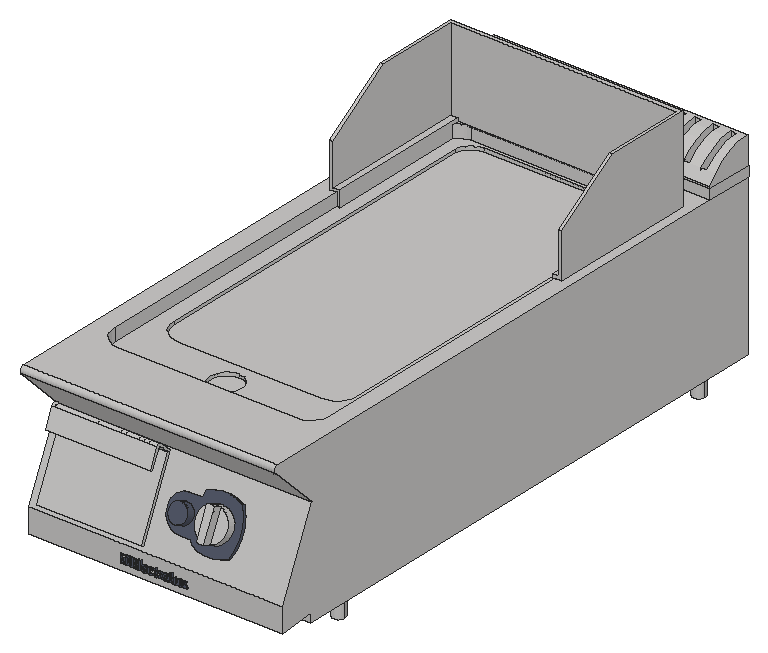
Revit family "QF_ELECTROLUXPROFESSIONAL_391588_E9IINTAOMCI", category Attrezzature speciali, Revit 2021 (continued)
Automatic sketch dimensions
  Extrusion 21 sketch curve to plane 7 "Center Y" = 9.346 mm
  Extrusion 21 sketch curve to Extrusion 21 sketch curve = 9.296 mm
  plane 1 "BACK" to Extrusion 21 sketch curve = 6.761 mm
  Extrusion 21 sketch curve to plane 11 = 19.089 mm
  plane 1 "BACK" to Extrusion 22 sketch curve = 6.761 mm
  plane 12 to Extrusion 22 sketch curve = 17.43 mm
  Extrusion 22 sketch curve to Extrusion 22 sketch curve = 9.296 mm
  Extrusion 22 sketch curve to plane 11 = 19.089 mm
  Extrusion 23 sketch curve to plane 12 = 10.559 mm
  Extrusion 23 sketch curve to plane 12 = 1.263 mm
  plane 1 "BACK" to Extrusion 23 sketch curve = 6.761 mm
  Extrusion 23 sketch curve to plane 11 = 19.089 mm
  plane 1 "BACK" to Extrusion 24 sketch curve = 6.761 mm
  plane 7 "Center Y" to Extrusion 24 sketch curve = 50.737 mm
  Extrusion 24 sketch curve to Extrusion 24 sketch curve = 9.296 mm
  Extrusion 24 sketch curve to plane 11 = 19.089 mm
  plane 1 "BACK" to Extrusion 25 sketch curve = 6.761 mm
  plane 12 to Extrusion 25 sketch curve = 69.275 mm
  Extrusion 25 sketch curve to Extrusion 25 sketch curve = 9.296 mm
  Extrusion 25 sketch curve to plane 11 = 19.089 mm
  plane 1 "BACK" to Extrusion 26 sketch curve = 6.761 mm
  plane 12 to Extrusion 26 sketch curve = 41.311 mm
  Extrusion 26 sketch curve to Extrusion 26 sketch curve = 9.296 mm
  Extrusion 26 sketch curve to plane 11 = 19.089 mm
  plane 1 "BACK" to Extrusion 27 sketch curve = 6.761 mm
  plane 7 "Center Y" to Extrusion 27 sketch curve = 22.749 mm
  Extrusion 27 sketch curve to Extrusion 27 sketch curve = 9.296 mm
  Extrusion 27 sketch curve to plane 11 = 19.089 mm
  Split face 1 sketch curve to Split face 1 sketch curve = 11.575 mm
  Split face 1 sketch curve to Split face 1 sketch curve = 2 mm
  Extrusion 30 sketch curve to Extrusion 2 = 0 mm  (x2)
  Extrusion 2 to Extrusion 30 sketch curve = 5 mm  (x2)
  Extrusion 2 to Extrusion 30 sketch curve = 15 mm
  Extrusion 30 sketch curve to Extrusion 30 sketch curve = 130 mm  (x2)
  Extrusion 2 to Extrusion 30 sketch curve = 20 mm
  Extrusion 30 sketch curve to Extrusion 2 = 19.6 mm  (x2)
  Extrusion 30 sketch curve to Extrusion 30 sketch curve = 5 mm  (x5)
  Extrusion 30 sketch curve to Extrusion 30 sketch curve = 15 mm
  Extrusion 31 sketch curve to Extrusion 30 = 0 mm  (x2)
  Extrusion 31 sketch curve to Extrusion 30 = 65 mm
  Extrusion 31 sketch curve to Extrusion 30 = 100.091 mm
  Extrusion 32 sketch curve to Extrusion 30 = 0 mm
  Extrusion 30 to Extrusion 32 sketch curve = 0 mm
  Extrusion 30 to Extrusion 32 sketch curve = 65 mm
  Extrusion 30 to Extrusion 32 sketch curve = 100.091 mm
  Extrusion 33 sketch curve to Extrusion 30 = 0 mm  (x4)
  plane 1 "BACK" to curve 16 = 0 mm
  plane 16 to curve 86 = 0 mm
  curve 81 to plane 12 = 0 mm
  plane 16 to curve 76 = 0 mm
  curve 11 to plane 3 "LEFT" = 0 mm
  curve 4 to plane 3 "LEFT" = 0 mm
  curve 66 to plane 12 = 1.263 mm
  curve 66 to curve 66 = 9.296 mm
  curve 86 to plane 12 = 22.05 mm
  curve 10 to plane 10 = 1.851 mm
  curve 10 to plane 4 "RIGHT" = 24.95 mm
  curve 70 to curve 65 = 18.693 mm
  curve 74 to plane 4 "RIGHT" = 14.95 mm
  curve 70 to curve 70 = 9.296 mm
  plane 4 "RIGHT" to curve 4 = 0.05 mm
  plane 4 "RIGHT" to curve 11 = 0.05 mm
  plane 4 "RIGHT" to curve 3 = 100.069 mm
  plane 12 to curve 9 = 3.686 mm
  plane 1 "BACK" to curve 64 = 6.761 mm
  plane 12 to curve 64 = 17.43 mm
  plane 12 to curve 79 = 25.4 mm
  curve 61 to curve 64 = 9.296 mm
  plane 12 to curve 82 = 30.736 mm
  plane 1 "BACK" to curve 60 = 6.761 mm
  curve 63 to curve 60 = 14.586 mm
  curve 57 to curve 59 = 9.296 mm
  plane 1 "BACK" to curve 56 = 6.761 mm
  curve 59 to curve 56 = 18.668 mm
  curve 53 to curve 55 = 9.296 mm
  plane 1 "BACK" to curve 52 = 6.761 mm
  curve 55 to curve 52 = 18.693 mm
  curve 49 to curve 51 = 9.296 mm
  plane 1 "BACK" to curve 48 = 6.761 mm
  curve 51 to curve 48 = 18.693 mm
  curve 45 to curve 48 = 9.296 mm
  curve 41 to plane 7 "Center Y" = 9.346 mm
  curve 41 to curve 43 = 9.296 mm
  curve 15 to plane 7 "Center Y" = 22.2 mm
  plane 1 "BACK" to curve 37 = 6.761 mm
  curve 43 to curve 37 = 18.693 mm
  curve 37 to curve 38 = 9.296 mm
  plane 1 "BACK" to curve 36 = 6.761 mm
  curve 39 to curve 36 = 18.693 mm
  curve 33 to curve 35 = 9.296 mm
  plane 1 "BACK" to curve 29 = 6.761 mm
  curve 35 to curve 29 = 18.693 mm
  curve 29 to curve 32 = 9.296 mm
  curve 83 to plane 10 = 56.115 mm
  plane 3 "LEFT" to curve 83 = 92.523 mm
  plane 3 "LEFT" to curve 78 = 80.4 mm
  curve 30 to curve 25 = 18.668 mm
  curve 25 to curve 27 = 9.296 mm
  plane 3 "LEFT" to curve 12 = 67.523 mm
  curve 78 to curve 85 = 25.4 mm
  plane 1 "BACK" to curve 21 = 6.761 mm
  curve 27 to curve 21 = 18.693 mm
  curve 21 to curve 23 = 9.296 mm
  plane 3 "LEFT" to curve 76 = 35 mm
  curve 8 to plane 10 = 8.638 mm
  plane 1 "BACK" to curve 17 = 6.761 mm
  curve 23 to curve 17 = 18.693 mm
  plane 3 "LEFT" to curve 73 = 20 mm
  curve 17 to curve 19 = 9.296 mm
  plane 5 "FRONT" to curve 13 = 0.25 mm
  curve 13 to curve 5 = 12.7 mm
  curve 1 to plane 3 "LEFT" = 100.019 mm
  curve 1 to plane 1 "BACK" = 100.019 mm
  plane 1 "BACK" to curve 68 = 6.761 mm
  plane 1 "BACK" to curve 69 = 6.761 mm
  plane 1 "BACK" to curve 44 = 6.761 mm
  plane 1 "BACK" to curve 25 = 6.761 mm
  curve 31 to plane 11 = 19.089 mm
  curve 33 to plane 11 = 19.089 mm
  curve 27 to plane 11 = 19.089 mm
  curve 37 to plane 11 = 19.089 mm
  curve 23 to plane 11 = 19.089 mm
  curve 41 to plane 11 = 19.089 mm
  curve 19 to plane 11 = 19.089 mm
  curve 45 to plane 11 = 19.089 mm
  curve 62 to plane 11 = 19.089 mm
  curve 49 to plane 11 = 19.089 mm
  curve 65 to plane 11 = 19.089 mm
  curve 65 to curve 71 = 0 mm
  curve 53 to plane 11 = 19.089 mm
  curve 57 to curve 62 = 0 mm
  curve 4 to plane 11 = 7.988 mm
  plane 11 to curve 74 = 27 mm
  plane 11 to curve 79 = 37.362 mm
  curve 15 to curve 15 = 114.75 mm
  curve 1 to plane 13 = 115 mm
  curve 3 to plane 13 = 115 mm
  curve 75 to curve 87 = 5 mm
  curve 89 to curve 73 = 5 mm
  curve 73 to curve 89 = 5 mm
  Extrusion 3 sketch curve to plane 10 = 1.851 mm
  Extrusion 3 sketch curve to plane 4 "RIGHT" = 24.95 mm
  Extrusion 3 sketch curve to plane 12 = 1.65 mm
  plane 12 to Extrusion 3 sketch curve = 3.686 mm
  Extrusion 3 sketch curve to plane 10 = 8.638 mm
  plane 3 "LEFT" to Extrusion 3 sketch curve = 67.523 mm
  Extrusion 3 sketch curve to Extrusion 3 sketch curve = 25.4 mm
  plane 11 to Extrusion 3 sketch curve = 57.4 mm
  curve 91 to plane 12 = 1.65 mm
  curve 92 to curve 88 = 20.4 mm
  curve 92 to curve 92 = 20.4 mm
  curve 74 to curve 86 = 5 mm
  curve 92 to curve 78 = 5.362 mm
  curve 91 to curve 86 = 0 mm
  curve 86 to curve 91 = 10.267 mm
  curve 88 to curve 92 = 10.267 mm
  Extrusion 28 sketch curve to Extrusion 3 = 5.362 mm
  Extrusion 28 sketch curve to Extrusion 28 sketch curve = 25.4 mm
  Extrusion 28 sketch curve to Extrusion 3 = 30.762 mm
  Extrusion 28 sketch curve to Extrusion 3 = 25 mm
  Extrusion 28 sketch curve to Extrusion 3 = 122.523 mm
  Extrusion 28 sketch curve to Extrusion 3 = 27.05 mm
  Extrusion 28 sketch curve to Extrusion 3 = 115.736 mm
  Extrusion 28 sketch curve to Extrusion 28 sketch curve = 37.523 mm
  Extrusion 28 sketch curve to Extrusion 28 sketch curve = 107.477 mm
  Extrusion 28 sketch curve to Extrusion 3 = 44.885 mm
  curve 93 to curve 94 = 0 mm  (x2)
  curve 94 to plane 7 "Center Y" = 0 mm
  curve 94 to plane 10 = 41 mm
  curve 94 to plane 10 = 16 mm
  radius of Extrusion 4 sketch curve = 9.525 mm  (x4)
  radius of Extrusion 6 sketch curve = 25.4 mm
  radius of Extrusion 7 sketch curve to Extrusion 6 = 0 mm  (x2)
  radius of Extrusion 11 sketch curve = 6.4 mm
  radius of Extrusion 29 sketch curve = 15 mm
  radius of Extrusion 28 sketch curve = 25 mm
Connectors
  piping at (348.05, -666, 6), diameter 12.8
    settings: on Extrusion 11, index 1, connector inside diameter 0.50394", connector length 0 mm, flow factor 0, pipe flow 0 GPM, pressure drop 0.00 psi, fitting loss kfactor 0, connector angle 0.00°, fixture units 0, engagement length 0 mm, angle of deflection 0.00°, flow configuration 1, flow direction 1, fitting loss method 0, system type 7, joint type 0, gender type 0, connector reference index -1, connector utility 0, adjustable connector no, is connector primary yes, connector description "GAS CONNECTION"
